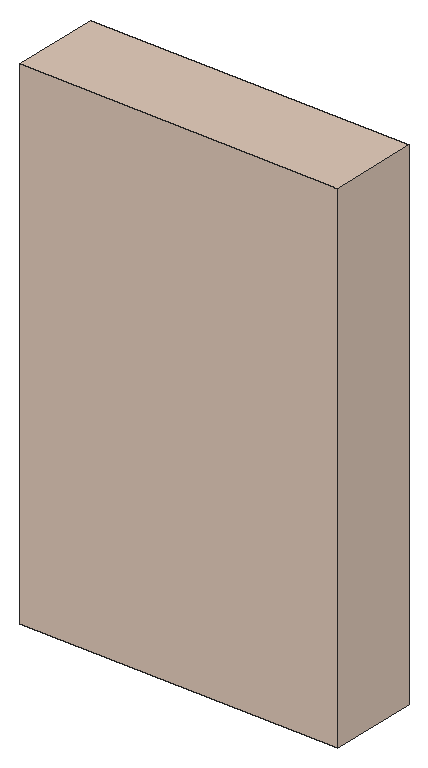
Revit family "Niche_NobleCompany_301_314", category Generic Models, host Wall, Revit 2016
Family settings
  Host = Wall
  Part Type = Normal
  Can host rebar = No
  Round Connector Dimension = Use Diameter
  Always vertical = Yes
  Cut with Voids When Loaded = No
  Shared = No
  Room Calculation Point = No
Parameters (values of type "314 Rectangular")
  Width = 1' - 2 1/4"
  URL = "www.noblecompany.com"
  Thickness = 0' - 1 1/4"
  Specification = ""
  Sales Information = "http://noblecompany.com/contact/"
  Revision = "R1_09-2016"
  Product Properties = "http://noblecompany.com/products/noble-niches"
  Product Data = "http://www.arcat.com/arcatcos/cos34/arc34489.html"
  Niche Material = Acrylic Polymer Finish
  Model = "314"
  Manufacturer Website = "www.noblecompany.com"
  Manufacturer Phone - Toll Free = "800-878-5788"
  Manufacturer Phone = "231-799-8000"
  Manufacturer Fax = "231-799-8850"
  Manufacturer Address = "P. O. Box 350, Grand Haven, MI 49417-0350"
  Manufacturer = "Noble Company"
  Keynote = "10 28 00"
  Installation-Fabrication = "http://noblecompany.com/storage/docs/resources/NN062016-13_Noble_Niche_Installation_Instruction.pdf"
  Instal Height [instance] = 5' - 0"
  Height = 1' - 10 1/2"
  Drawn By = "Sumex Design - Robert S Weygant"
  Description = "314 Rectangular NIche"
  Depth = 0' - 4"
  Copyright = "� 2016 ARCAT Inc."
  Construction Details = ""
  Assembly Code = "D2010700"
Types (2): name | Thickness | Model | Height | Description
  301 Square | 0' - 1 1/8" | "301" | 1' - 2 1/4" | "301 Square Niche"
  314 Rectangular | 0' - 1 1/4" | "314" | 1' - 10 1/2" | "314 Rectangular NIche"
Reference planes (in)
  plane 1: y = 0
  plane 2 "Center (Left/Right)": x = 0
  plane 3 "Wall Edge": y = 3
  plane 4: x = -7.125
  plane 5: y = 3.125
  plane 6: y = -0.875
  plane 7: x = 7.125
  plane 8: z = 60
  plane 9: z = 37.5
  plane 10: x = -6
  plane 11: x = 6
  plane 12: y = -0.375
  plane 13: z = 38.75
  plane 14: z = 58.75
Forms (in)
  Extrusion 1, void
    sketch origin (0, 0, 0) x (1, 0, 0) y (0, 1, 0)
      loop
        line (-7.125, 3.125) -> (-7.125, -0.875) -> (7.125, -0.875) -> (7.125, 3.125) -> (-7.125, 3.125)
    from 37.5 to 60
  Extrusion 2, solid, material "Acrylic Polymer Finish" <- "Niche Material"
    sketch origin (0, 0, 0) x (1, 0, 0) y (0, 1, 0)
      loop
        line (-7.125, 3.125) -> (-7.125, -0.875) -> (7.125, -0.875) -> (7.125, 3.125) -> (-7.125, 3.125)
    from 37.5 to 60
  Extrusion 3, void
    sketch origin (0, 3, 0) x (1, 0, 0) y (0, 0, 1)
      loop
        line (6, 58.75) -> (-6, 58.75) -> (-6, 38.75) -> (6, 38.75) -> (6, 58.75)
    from -0.125 to 3.375
Cuts and joins
  Extrusion 3 cuts Extrusion 2
Text (in)
  text "Placement Side" at (0, 40.15149, 123.01588), in view "Right"
  text "Placement Side" at (-105.78919, 39.84311, 0), in view "Ref. Level"
  text "Placement Side" at (0, 81.62555, 140.59947), in view "Left"
Dimensions and locks (in)
  locked: plane 3 "Wall Edge" to host wall
  equal spacing: plane 4, plane 2 "Center (Left/Right)", plane 7
  "Width": plane 4 to plane 7
  "Depth": plane 5 to plane 6
  locked: plane 5 to plane 3 "Wall Edge" at 0.125
  "Height": plane 9 to plane 8
  "Instal Height": level to plane 8
  locked: plane 12 to plane 6 at 0.5
  locked: plane 4 to plane 10 at 1.125
  locked: plane 11 to plane 7 at 1.125
  "Thickness": plane 14 to plane 8
  "Thickness": plane 9 to plane 13
  aligned and locked: Extrusion 1 sketch curve to plane 5
  aligned and locked: plane 4 to Extrusion 1 sketch curve
  aligned and locked: plane 6 to Extrusion 1 sketch curve
  aligned and locked: plane 7 to Extrusion 1 sketch curve
  aligned and locked: plane 8 to Extrusion 1
  aligned and locked: Extrusion 1 to plane 9
  aligned and locked: Extrusion 2 sketch curve to plane 5
  aligned and locked: plane 4 to Extrusion 2 sketch curve
  aligned and locked: plane 6 to Extrusion 2 sketch curve
  aligned and locked: plane 7 to Extrusion 2 sketch curve
  aligned and locked: plane 8 to Extrusion 2
  aligned and locked: Extrusion 2 to plane 9
  aligned and locked: plane 14 to Extrusion 3 sketch curve
  aligned and locked: plane 11 to Extrusion 3 sketch curve
  aligned and locked: plane 10 to Extrusion 3 sketch curve
  aligned and locked: Extrusion 3 to plane 12
  aligned and locked: plane 5 to Extrusion 3
  aligned and locked: Extrusion 3 sketch curve to plane 13
